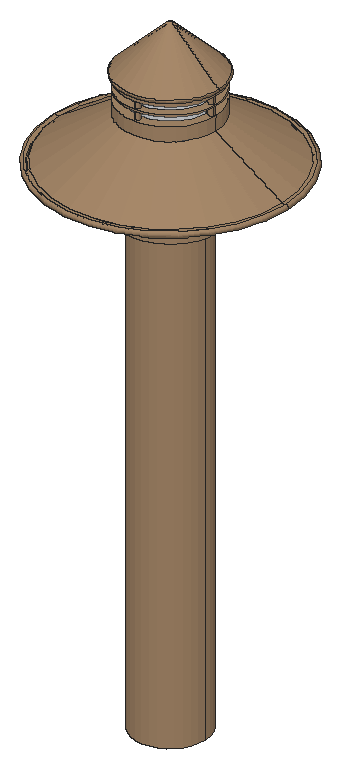
Revit family "AS116", category Generic Models, host Floor, Revit 2024
Family settings
  Host = Floor
  Can host rebar = No
  Round Connector Dimension = Use Diameter
  Part Type = Normal
  Always vertical = Yes
  Cut with Voids When Loaded = No
  Maintain Annotation Orientation = No
  Shared = No
  Room Calculation Point = No
Parameters
  Default Elevation = 0' - 0"
Reference planes (in)
  plane 1 "Center (Front/Back)": y = 0
  plane 2: z = 0
  plane 3 "Center (Left/Right)": x = 0
Forms (in)
  Revolve 1, solid
    sketch origin (0, 0, -28.99457) x (1, 0, 0) y (0, 0, 1)
      loop
        arc (0, 72) -> (-0.03669, 71.99302) -> (-0.06827, 71.97307) r 0.1
        line (-0.06827, 71.97307) -> (-3.29327, 68.95993)
        arc (-3.29327, 68.95993) -> (-3.31802, 68.85016) -> (-3.225, 68.78686) r 0.1
        line (-3.225, 68.78686) -> (-3.125, 68.78686) -> (-3.125, 68.48686) -> (-3.03125, 68.48686) -> (-3.03125, 68.88061) -> (-3.24084, 68.88061) -> (0, 71.90855) -> (0, 72)
      loop
        line (-3.125, 66.38686) -> (-7.56287, 63.54094) -> (-7.82921, 63.54094)
        arc (-7.82921, 63.54094) -> (-7.91868, 63.22467) -> (-7.67678, 63.44719) r 0.17079
        line (-7.67678, 63.44719) -> (-7.53539, 63.44719) -> (-3.03125, 66.3356) -> (-3.03125, 67.19311) -> (-2.52697, 67.19311) -> (-2.52697, 67.28686) -> (-3.125, 67.28686) -> (-3.125, 66.38686)
      loop
        line (-2.52697, 61.69936) -> (-3.125, 61.69936) -> (-3.125, 60.13686) -> (-2.38037, 60.13686) -> (-2.38037, 60.23061) -> (-3.03125, 60.23061) -> (-3.03125, 61.60561) -> (-2.52697, 61.60561) -> (-2.52697, 61.69936)
      axis (0, 72) -> (0, 60.13686)
    angle from 0 to 360
  Revolve 2, solid
    sketch origin (0, 0, -28.99457) x (1, 0, 0) y (0, 0, 1)
      loop
        line (-2.61438, 68.87879) -> (-2.78589, 68.87879) -> (-2.78589, 61.69936) -> (-2.61438, 61.69936) -> (-2.61438, 68.87879)
      axis (-2.78589, 68.87879) -> (-2.78589, 61.69936)
    angle from 0 to 360
  Revolve 3, solid
    sketch origin (0, 0, -28.99457) x (1, 0, 0) y (0, 0, 1)
      loop
        line (-2.38037, 60.23061) -> (-2.38037, 28.99457) -> (0, 28.99457) -> (0, 60.23061) -> (-2.38037, 60.23061)
      axis (0, 60.23061) -> (0, 28.99457)
    angle from 0 to 360
  Revolve 4, solid
    sketch origin (0, 0, -28.99457) x (0, -1, 0) y (0, 0, 1)
      loop
        line (-2.61438, 68.87879) -> (-2.78589, 68.87879) -> (-2.78589, 61.69936) -> (-2.61438, 61.69936) -> (-2.61438, 68.87879)
      axis (-2.78589, 68.87879) -> (-2.78589, 61.69936)
    angle from 0 to 360
  Revolve 5, solid
    sketch origin (0, 0, -28.99457) x (0, 1, 0) y (0, 0, 1)
      loop
        line (-2.61438, 68.87879) -> (-2.78589, 68.87879) -> (-2.78589, 61.69936) -> (-2.61438, 61.69936) -> (-2.61438, 68.87879)
      axis (-2.78589, 68.87879) -> (-2.78589, 61.69936)
    angle from 0 to 360
  Revolve 6, solid
    sketch origin (0, 0, -28.99457) x (-1, 0, 0) y (0, 0, 1)
      loop
        line (-2.61438, 68.87879) -> (-2.78589, 68.87879) -> (-2.78589, 61.69936) -> (-2.61438, 61.69936) -> (-2.61438, 68.87879)
      axis (-2.78589, 68.87879) -> (-2.78589, 61.69936)
    angle from 0 to 360
  Revolve 7, solid
    sketch origin (0, 0, -28.99457) x (1, 0, 0) y (0, 0, 1)
      loop
        line (-2.50188, 68.48686) -> (-2.50188, 61.69936) -> (-2.40813, 61.69936) -> (-2.40813, 68.48686) -> (-2.50188, 68.48686)
      axis (0, 68.48686) -> (0, 61.69936)
    angle from 0 to 360
  Revolve 8, solid
    sketch origin (0, 0, -28.99457) x (1, 0, 0) y (0, 0, 1)
      loop
        line (-3.125, 67.88686) -> (-2.56438, 67.88686) -> (-2.56438, 67.98686) -> (-3.125, 67.98686) -> (-3.125, 67.88686)
      axis (0, 67.98686) -> (0, 67.88686)
    angle from 0 to 360
Dimensions and locks (in)
  equal spacing: host sketch curve, plane 1 "Center (Front/Back)", host sketch curve
  equal spacing: host sketch curve, plane 3 "Center (Left/Right)", host sketch curve
  host sketch curve to host sketch curve = 10' - 0"  (x2)
  aligned and locked: level to plane 2
